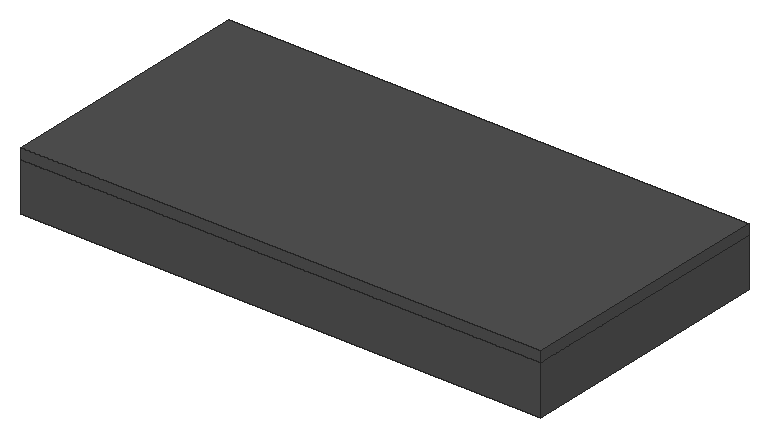
Revit family "M_Luminária comercial - Parabólica retangular", category Luminárias, Revit 2019
Family settings
  Hospedeiro = Forro
  Cota do conector redondo = Utilizar diâmetro
  Tipo de parte = Normal
  Número OmniClass = 23.80.70.11.14.11
  Título OmniClass = Downlights
  ID de item do Seek = Troffer Light - Parabolic Rectangular-0000-CAN-ENU
  Sempre na vertical = Sim
  Corte com vazios quando carregada = Não
  Fonte luminosa = Sim
  Compartilhado = Não
  Ponto de cálculo do ambiente = Não
Parameters (values of type "0600x1200 mm(2 Lâmpadas) - 120V")
  Wattage = 80 W
  built-in parameter 1150110 = 1 (stored number, unit not read)
  built-in parameter 1114217 = 0.88 (stored number, unit not read)
  built-in parameter 1150109 = 1 (stored number, unit not read)
  built-in parameter 1150134 = 8
  built-in parameter 1150113 = 1 (stored number, unit not read)
  built-in parameter 1150115 = 1 (stored number, unit not read)
  built-in parameter 1150105 = 2005.4 (stored number, unit not read)
  Classificação de carga = Iluminação - Unidade de interrupção
  Light Source Symbol Size = 609.6 mm
  built-in parameter 1150137 = 1
  built-in parameter 1150139 = (empty or 0)
  built-in parameter 1150112 = 1 (stored number, unit not read)
  built-in parameter 1150114 = 1 (stored number, unit not read)
  built-in parameter 1150132 = (empty or 0)
  built-in parameter 1150102 = (empty or 0)
  built-in parameter 1150138 = (empty or 0)
  built-in parameter 1150107 = 4230 (stored number, unit not read)
  built-in parameter 1150106 = 20.054 (stored number, unit not read)
  Material do eixo = Aço, acabamento de pintura, cinza escuro, fosco
  Emitir da largura do retângulo = 550 mm
  Emitir do comprimento do retângulo = 1150 mm
  Emit Shape Visible in Rendering = no
  built-in parameter 1150104 = 7.3161 (stored number, unit not read)
  Dimming Lamp Color Temperature Shift = (empty or 0)
  Color Filter = 16777215
  built-in parameter 1140040 [instance] = 1
  Voltagem do transformador = 120 V
  Transformador por número de postes = 1
  built-in parameter 1114218 = 0.88 (stored number, unit not read)
  built-in parameter 1150133 = 10 (stored number, unit not read)
  Código de montagem = "D5020210"
  Material do difusor = Vidro, Branco, Alta Luminosidade
  Lâmpada = "T-12"
  Material da caixa de luz = Aço, Cromo polido
  Lumens = 6300 lm
  Wattage Comments = ""
  Apparent Load = 80 VA
Types (4, lengths in mm): name | Wattage | built-in parameter 1114217 | built-in parameter 1150105 | built-in parameter 1150106 | Voltagem do transformador | built-in parameter 1114218 | Lumens | Apparent Load
  0600x1200 mm(2 Lâmpadas) - 120V | 80 W | 0.88 (stored number, unit not read) | 2005.4 (stored number, unit not read) | 20.054 (stored number, unit not read) | 120 V | 0.88 (stored number, unit not read) | 6300 lm | 80 VA
  0600x1200 mm(2 Lâmpadas) - 277V | 80 W | 0.88 (stored number, unit not read) | 2005.4 (stored number, unit not read) | 20.054 (stored number, unit not read) | 277 V | 0.88 (stored number, unit not read) | 6300 lm | 80 VA
  0600x1200 mm(4 Lâmpadas) - 120V | 160 W | 0.95 (stored number, unit not read) | 4010.7 (stored number, unit not read) | 40.107 (stored number, unit not read) | 120 V | 0.95 (stored number, unit not read) | 12600 lm | 160 VA
  0600x1200 mm(4 Lâmpadas) - 277V | 160 W | 0.95 (stored number, unit not read) | 4010.7 (stored number, unit not read) | 40.107 (stored number, unit not read) | 277 V | 0.95 (stored number, unit not read) | 12600 lm | 160 VA
Reference planes
  plane 1 "Eixo de origem da luz": y = -59.466
  plane 2 "Forro": z = 2438.4
  plane 3 "Eixo de origem da luz": x = -18.704
  plane 4 "Elevação da origem da luz": z = 2438.4
  plane 5: x = -628.304
  plane 6: x = 590.896
  plane 7: y = 245.334
  plane 8: y = -364.266
  plane 9: x = -406.054
  plane 10: x = -212.379
  plane 11: x = -18.704
  plane 12: x = 174.971
  plane 13: x = 368.646
  plane 14: y = 32.609
  plane 15: y = -151.541
  plane 16: y = 216.759
  plane 17: y = -335.691
  plane 18: x = -599.729
  plane 19: x = 562.321
  plane 20: x = -406.054
  plane 21: x = -212.379
  plane 22: x = -18.704
  plane 23: x = 174.971
  plane 24: x = 368.646
  plane 25: y = 32.609
  plane 26: y = -151.541
  plane 27: y = 216.759
  plane 28: y = -335.691
  plane 29: x = -599.729
  plane 30: x = 562.321
Forms (mm)
  Extrusion 1, solid, material "Aço, Cromo polido" <- "Material da caixa de luz"
    sketch origin (0, 0, 2438.4) x (1, 0, 0) y (0, 1, 0)
      loop
        line (-628.304, 245.334) -> (-628.304, -364.266) -> (590.896, -364.266) -> (590.896, 245.334) -> (-628.304, 245.334)
      loop
        line (-602.904, 219.934) -> (-602.904, -338.866) -> (565.496, -338.866) -> (565.496, 219.934) -> (-602.904, 219.934)
    from 0 to 114.3
  Extrusion 2, solid, material "Aço, Cromo polido" <- "Material da caixa de luz"
    sketch origin (0, 0, 2438.4) x (1, 0, 0) y (0, 1, 0)
      loop
        line (-628.304, 245.334) -> (-628.304, -364.266) -> (590.896, -364.266) -> (590.896, 245.334) -> (-628.304, 245.334)
    from 114.3 to 139.7
  Extrusion 3, solid, material "Vidro, Branco, Alta Luminosidade" <- "Material do difusor"
    sketch origin (0, 0, 2438.4) x (1, 0, 0) y (0, 1, 0)
      loop
        line (-602.904, 219.934) -> (-602.904, -338.866) -> (565.496, -338.866) -> (565.496, 219.934) -> (-602.904, 219.934)
      loop
        line (-596.554, 35.784) -> (-409.229, 35.784) -> (-409.229, 213.584) -> (-596.554, 213.584) -> (-596.554, 35.784)
      loop
        line (-596.554, -148.366) -> (-409.229, -148.366) -> (-409.229, 29.434) -> (-596.554, 29.434) -> (-596.554, -148.366)
      loop
        line (-596.554, -154.716) -> (-596.554, -332.516) -> (-409.229, -332.516) -> (-409.229, -154.716) -> (-596.554, -154.716)
      loop
        line (-402.879, 35.784) -> (-215.554, 35.784) -> (-215.554, 213.584) -> (-402.879, 213.584) -> (-402.879, 35.784)
      loop
        line (-402.879, -148.366) -> (-215.554, -148.366) -> (-215.554, 29.434) -> (-402.879, 29.434) -> (-402.879, -148.366)
      loop
        line (-402.879, -154.716) -> (-402.879, -332.516) -> (-215.554, -332.516) -> (-215.554, -154.716) -> (-402.879, -154.716)
      loop
        line (-209.204, 35.784) -> (-21.879, 35.784) -> (-21.879, 213.584) -> (-209.204, 213.584) -> (-209.204, 35.784)
      loop
        line (-209.204, -148.366) -> (-21.879, -148.366) -> (-21.879, 29.434) -> (-209.204, 29.434) -> (-209.204, -148.366)
      loop
        line (-209.204, -154.716) -> (-209.204, -332.516) -> (-21.879, -332.516) -> (-21.879, -154.716) -> (-209.204, -154.716)
      loop
        line (-15.529, 35.784) -> (171.796, 35.784) -> (171.796, 213.584) -> (-15.529, 213.584) -> (-15.529, 35.784)
      loop
        line (-15.529, -148.366) -> (171.796, -148.366) -> (171.796, 29.434) -> (-15.529, 29.434) -> (-15.529, -148.366)
      loop
        line (-15.529, -154.716) -> (-15.529, -332.516) -> (171.796, -332.516) -> (171.796, -154.716) -> (-15.529, -154.716)
      loop
        line (178.146, 35.784) -> (365.471, 35.784) -> (365.471, 213.584) -> (178.146, 213.584) -> (178.146, 35.784)
      loop
        line (178.146, -148.366) -> (365.471, -148.366) -> (365.471, 29.434) -> (178.146, 29.434) -> (178.146, -148.366)
      loop
        line (178.146, -154.716) -> (178.146, -332.516) -> (365.471, -332.516) -> (365.471, -154.716) -> (178.146, -154.716)
      loop
        line (371.821, 35.784) -> (559.146, 35.784) -> (559.146, 213.584) -> (371.821, 213.584) -> (371.821, 35.784)
      loop
        line (371.821, -148.366) -> (559.146, -148.366) -> (559.146, 29.434) -> (371.821, 29.434) -> (371.821, -148.366)
      loop
        line (371.821, -154.716) -> (371.821, -332.516) -> (559.146, -332.516) -> (559.146, -154.716) -> (371.821, -154.716)
    from 3.175 to 50.8
  Extrusion 4, solid, material "Vidro, Branco, Alta Luminosidade"
    sketch origin (0, 0, 2438.4) x (1, 0, 0) y (0, 1, 0)
      loop
        line (-602.904, 219.934) -> (-602.904, -338.866) -> (565.496, -338.866) -> (565.496, 219.934) -> (-602.904, 219.934)
    from 76.2 to 82.55
  Extrusion 5, solid, material "Aço, acabamento de pintura, cinza escuro, fosco" <- "Material do eixo"
    sketch origin (0, 0, 2438.4) x (1, 0, 0) y (0, 1, 0)
      loop
        line (-602.904, 219.934) -> (-602.904, -338.866) -> (565.496, -338.866) -> (565.496, 219.934) -> (-602.904, 219.934)
      loop
        line (-596.554, 35.784) -> (-409.229, 35.784) -> (-409.229, 213.584) -> (-596.554, 213.584) -> (-596.554, 35.784)
      loop
        line (-596.554, -148.366) -> (-409.229, -148.366) -> (-409.229, 29.434) -> (-596.554, 29.434) -> (-596.554, -148.366)
      loop
        line (-596.554, -154.716) -> (-596.554, -332.516) -> (-409.229, -332.516) -> (-409.229, -154.716) -> (-596.554, -154.716)
      loop
        line (-402.879, 35.784) -> (-215.554, 35.784) -> (-215.554, 213.584) -> (-402.879, 213.584) -> (-402.879, 35.784)
      loop
        line (-402.879, -148.366) -> (-215.554, -148.366) -> (-215.554, 29.434) -> (-402.879, 29.434) -> (-402.879, -148.366)
      loop
        line (-402.879, -154.716) -> (-402.879, -332.516) -> (-215.554, -332.516) -> (-215.554, -154.716) -> (-402.879, -154.716)
      loop
        line (-209.204, 35.784) -> (-21.879, 35.784) -> (-21.879, 213.584) -> (-209.204, 213.584) -> (-209.204, 35.784)
      loop
        line (-209.204, -148.366) -> (-21.879, -148.366) -> (-21.879, 29.434) -> (-209.204, 29.434) -> (-209.204, -148.366)
      loop
        line (-209.204, -154.716) -> (-209.204, -332.516) -> (-21.879, -332.516) -> (-21.879, -154.716) -> (-209.204, -154.716)
      loop
        line (-15.529, 35.784) -> (171.796, 35.784) -> (171.796, 213.584) -> (-15.529, 213.584) -> (-15.529, 35.784)
      loop
        line (-15.529, -148.366) -> (171.796, -148.366) -> (171.796, 29.434) -> (-15.529, 29.434) -> (-15.529, -148.366)
      loop
        line (-15.529, -154.716) -> (-15.529, -332.516) -> (171.796, -332.516) -> (171.796, -154.716) -> (-15.529, -154.716)
      loop
        line (178.146, 35.784) -> (365.471, 35.784) -> (365.471, 213.584) -> (178.146, 213.584) -> (178.146, 35.784)
      loop
        line (178.146, -148.366) -> (365.471, -148.366) -> (365.471, 29.434) -> (178.146, 29.434) -> (178.146, -148.366)
      loop
        line (178.146, -154.716) -> (178.146, -332.516) -> (365.471, -332.516) -> (365.471, -154.716) -> (178.146, -154.716)
      loop
        line (371.821, 35.784) -> (559.146, 35.784) -> (559.146, 213.584) -> (371.821, 213.584) -> (371.821, 35.784)
      loop
        line (371.821, -148.366) -> (559.146, -148.366) -> (559.146, 29.434) -> (371.821, 29.434) -> (371.821, -148.366)
      loop
        line (371.821, -154.716) -> (371.821, -332.516) -> (559.146, -332.516) -> (559.146, -154.716) -> (371.821, -154.716)
    from 0 to 3.175
Lines and regions (mm)
  Opening 1
    outline origin (0, 0, 2438.4) x (1, 0, 0) y (0, 1, 0)
      loop
        line (-628.304, 245.334) -> (-628.304, -364.266) -> (590.896, -364.266) -> (590.896, 245.334) -> (-628.304, 245.334)
  model lines
    curve 1: line (-602.904, 219.934, 2438.4) -> (565.496, 219.934, 2438.4)
    curve 2: line (-602.904, -338.866, 2438.4) -> (-602.904, 219.934, 2438.4)
    curve 3: line (565.496, -338.866, 2438.4) -> (-602.904, -338.866, 2438.4)
    curve 4: line (565.496, 219.934, 2438.4) -> (565.496, -338.866, 2438.4)
  symbolic lines
    curve 5: arc (164.176, -59.466, 0) -> (-18.704, 123.414, 0) -> (-201.584, -59.466, 0) r 182.88
    curve 6: arc (-201.584, -59.466, 0) -> (-18.704, -242.346, 0) -> (164.176, -59.466, 0) r 182.88
    curve 7: line (-602.904, -338.866, 0) -> (-183.686, -138.371, 0)
    curve 8: line (-183.686, 19.439, 0) -> (-602.904, 219.934, 0)
    curve 9: line (565.496, 219.934, 0) -> (146.279, 19.439, 0)
    curve 10: line (146.279, -138.371, 0) -> (565.496, -338.866, 0)
    curve 11: line (-602.904, 219.934, 0) -> (565.496, 219.934, 0)
    curve 12: line (565.496, 219.934, 0) -> (565.496, -338.866, 0)
    curve 13: line (565.496, -338.866, 0) -> (-602.904, -338.866, 0)
    curve 14: line (-602.904, -338.866, 0) -> (-602.904, 219.934, 0)
Dimensions and locks
  equal spacing: host sketch curve, plane 3 "Eixo de origem da luz", host sketch curve
  equal spacing: host sketch curve, plane 1 "Eixo de origem da luz", host sketch curve
  host sketch curve to host sketch curve = 3048 mm  (x2)
  equal spacing: plane 5, plane 3 "Eixo de origem da luz", plane 6
  equal spacing: plane 8, plane 1 "Eixo de origem da luz", plane 7
  locked: plane 5 to plane 6 at 1219.2
  locked: plane 8 to plane 7 at 609.6
  locked: Extrusion 1 sketch curve to Extrusion 1 sketch curve at 25.4
  equal spacing: plane 16, plane 14, plane 15, plane 17
  equal spacing: plane 27, plane 25, plane 26, plane 28
  aligned and locked: plane 3 "Eixo de origem da luz" to imposter light
  aligned and locked: plane 1 "Eixo de origem da luz" to imposter light
  aligned and locked: plane 4 "Elevação da origem da luz" to imposter light
  aligned and locked: host ceiling to imposter light
Automatic sketch dimensions
  Opening 1 sketch curve to plane 5 = 0 mm
  Opening 1 sketch curve to plane 6 = 0 mm
  Opening 1 sketch curve to plane 8 = 0 mm
  Opening 1 sketch curve to plane 7 = 0 mm
  Extrusion 1 sketch curve to plane 5 = 0 mm
  Extrusion 1 sketch curve to plane 6 = 0 mm
  Extrusion 1 sketch curve to plane 8 = 0 mm
  Extrusion 1 sketch curve to plane 7 = 0 mm
  Extrusion 1 sketch curve to plane 5 = 25.4 mm
  plane 6 to Extrusion 1 sketch curve = 25.4 mm
  Extrusion 1 sketch curve to plane 8 = 25.4 mm
  Extrusion 2 sketch curve to plane 5 = 0 mm
  Extrusion 2 sketch curve to plane 6 = 0 mm
  Extrusion 2 sketch curve to plane 8 = 0 mm
  Extrusion 2 sketch curve to plane 7 = 0 mm
  plane 18 to Extrusion 3 sketch curve = 3.175 mm
  Extrusion 3 sketch curve to plane 18 = 3.175 mm  (x3)
  plane 9 to Extrusion 3 sketch curve = 3.175 mm  (x3)
  Extrusion 3 sketch curve to plane 9 = 3.175 mm  (x3)
  plane 10 to Extrusion 3 sketch curve = 3.175 mm  (x3)
  Extrusion 3 sketch curve to plane 10 = 3.175 mm  (x3)
  Extrusion 3 sketch curve to plane 3 "Eixo de origem da luz" = 3.175 mm  (x3)
  plane 3 "Eixo de origem da luz" to Extrusion 3 sketch curve = 3.175 mm  (x3)
  plane 12 to Extrusion 3 sketch curve = 3.175 mm  (x3)
  Extrusion 3 sketch curve to plane 12 = 3.175 mm  (x3)
  plane 13 to Extrusion 3 sketch curve = 3.175 mm  (x3)
  Extrusion 3 sketch curve to plane 13 = 3.175 mm  (x3)
  plane 19 to Extrusion 3 sketch curve = 3.175 mm  (x3)
  Extrusion 3 sketch curve to plane 19 = 3.175 mm
  Extrusion 3 sketch curve to plane 17 = 3.175 mm
  plane 17 to Extrusion 3 sketch curve = 3.175 mm  (x6)
  plane 15 to Extrusion 3 sketch curve = 3.175 mm  (x6)
  Extrusion 3 sketch curve to plane 15 = 3.175 mm  (x6)
  plane 14 to Extrusion 3 sketch curve = 3.175 mm  (x6)
  Extrusion 3 sketch curve to plane 14 = 3.175 mm  (x6)
  Extrusion 3 sketch curve to plane 16 = 3.175 mm  (x6)
  plane 16 to Extrusion 3 sketch curve = 3.175 mm
  Extrusion 4 sketch curve to plane 5 = 25.4 mm
  plane 6 to Extrusion 4 sketch curve = 25.4 mm
  Extrusion 4 sketch curve to plane 8 = 25.4 mm
  plane 7 to Extrusion 4 sketch curve = 25.4 mm
  plane 29 to Extrusion 5 sketch curve = 3.175 mm
  Extrusion 5 sketch curve to plane 29 = 3.175 mm  (x3)
  plane 20 to Extrusion 5 sketch curve = 3.175 mm  (x3)
  Extrusion 5 sketch curve to plane 20 = 3.175 mm  (x3)
  plane 21 to Extrusion 5 sketch curve = 3.175 mm  (x3)
  Extrusion 5 sketch curve to plane 21 = 3.175 mm  (x3)
  plane 23 to Extrusion 5 sketch curve = 3.175 mm  (x3)
  Extrusion 5 sketch curve to plane 23 = 3.175 mm  (x3)
  plane 24 to Extrusion 5 sketch curve = 3.175 mm  (x3)
  Extrusion 5 sketch curve to plane 24 = 3.175 mm  (x3)
  plane 30 to Extrusion 5 sketch curve = 3.175 mm  (x3)
  Extrusion 5 sketch curve to plane 30 = 3.175 mm
  Extrusion 5 sketch curve to plane 28 = 3.175 mm
  plane 28 to Extrusion 5 sketch curve = 3.175 mm  (x6)
  plane 26 to Extrusion 5 sketch curve = 3.175 mm  (x6)
  Extrusion 5 sketch curve to plane 26 = 3.175 mm  (x6)
  plane 25 to Extrusion 5 sketch curve = 3.175 mm  (x6)
  Extrusion 5 sketch curve to plane 25 = 3.175 mm  (x6)
  Extrusion 5 sketch curve to plane 27 = 3.175 mm  (x6)
  plane 27 to Extrusion 5 sketch curve = 3.175 mm
  curve 6 to plane 1 "Eixo de origem da luz" = 0 mm
  curve 5 to plane 3 "Eixo de origem da luz" = 0 mm
  curve 2 to plane 5 = 25.4 mm
  curve 8 to plane 1 "Eixo de origem da luz" = 78.905 mm
  plane 1 "Eixo de origem da luz" to curve 7 = 78.905 mm
  curve 9 to plane 1 "Eixo de origem da luz" = 78.905 mm
  curve 9 to curve 1 = 0 mm  (x2)
  plane 1 "Eixo de origem da luz" to curve 10 = 78.905 mm
  plane 6 to curve 1 = 25.4 mm
  curve 10 to curve 3 = 0 mm  (x2)
  curve 3 to plane 8 = 25.4 mm
  plane 7 to curve 1 = 25.4 mm
  curve 5 to curve 5 = 182.88 mm
  curve 7 to curve 2 = 0 mm  (x2)
  curve 8 to curve 1 = 0 mm  (x2)
  curve 14 to plane 5 = 25.4 mm
  plane 6 to curve 13 = 25.4 mm
  curve 13 to plane 8 = 25.4 mm
  plane 7 to curve 12 = 25.4 mm
Connectors
  electrical at (-18.704, -59.466, 2441.575), driven by "Apparent Load", driven by "Voltagem do transformador", driven by "Transformador por número de postes", driven by "Classificação de carga"
    settings: on Extrusion 3, index 1, voltage 120 V, apparent load 0 VA, apparent load phase1 80 VA, apparent load phase2 0 VA, apparent load phase3 0 VA, power factor 0.95, load classification "Iluminação - Unidade de interrupção", number of poles 1, system type 31, power factor state 1, is connector primary yes, connector utility no, sub classification motor no, connector description ""
